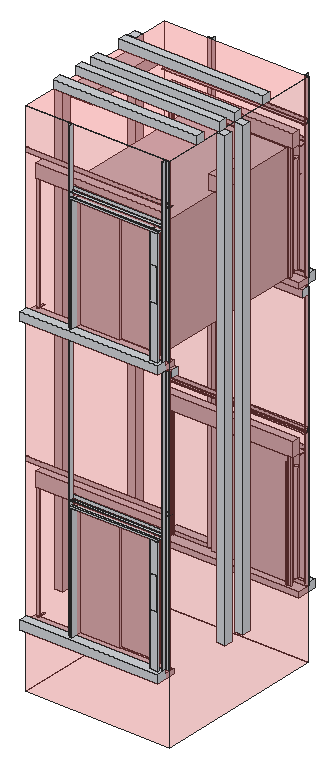
Revit family "TSF1000-2S-2方向", category 一般モデル, Revit 2018
Family settings
  鉄筋をホスト可能 = いいえ
  丸型コネクタ寸法 = 直径を使用
  パーツ タイプ = 標準
  作業面ベース = いいえ
  常に垂直 = はい
  ロード時にボイドで切り取り = いいえ
  共有 = いいえ
  部屋計算ポイント = いいえ
Parameters
  昇降行程 = 5000 mm
Reference planes
  plane 1 "レール芯": y = 0
  plane 2 "最下階FL": z = 0
  plane 3 "かご芯": x = 0
  plane 4: z = 5000
  plane 5 "ピット底面": z = -1250
  plane 6: z = 8250
  plane 7: z = 2500
Forms (mm)
  Extrusion 1, solid
    sketch origin (-115, 140, 0) x (1, 0, 0) y (0, 1, 0)
      loop
        line (-1370, 1665) -> (-1370, -1485) -> (1230, -1485) -> (1230, 1665) -> (-1370, 1665)
    from -1250 to 8250
  Extrusion 2, solid
    sketch origin (-188.849, -187.656, 5000) x (1, 0, 0) y (0, 1, 0)
      loop
        line (-691.151, 1792.656) -> (-691.151, -917.344) -> (1068.849, -917.344) -> (1068.849, 1792.656) -> (-691.151, 1792.656)
    from 0 to 2100
  Extrusion 3, solid
    sketch origin (-199.116, -1, 0) x (1, 0, 0) y (0, 1, 0)
      loop
        line (-1050.884, 890.997) -> (-1050.884, 260.997) -> (-753.884, 260.997) -> (-753.884, 890.997) -> (-1050.884, 890.997)
    from -1250 to -272.5
  Extrusion 4, solid
    sketch origin (-180.164, -13.256, 0) x (1, 0, 0) y (0, 1, 0)
      loop
        line (1295.164, 288.256) -> (1295.164, 138.256) -> (1445.164, 138.256) -> (1445.164, 288.256) -> (1295.164, 288.256)
    from 0 to 8250
  Extrusion 5, solid
    sketch origin (-180.164, -413.256, 0) x (1, 0, 0) y (0, 1, 0)
      loop
        line (1295.164, 288.256) -> (1295.164, 138.256) -> (1445.164, 138.256) -> (1445.164, 288.256) -> (1295.164, 288.256)
    from 0 to 8250
  Extrusion 6, solid
    sketch origin (593.997, 818.69, 0) x (1, 0, 0) y (0, 1, 0)
      loop
        line (-2228.997, 481.31) -> (-2228.997, 331.31) -> (-2078.997, 331.31) -> (-2078.997, 481.31) -> (-2228.997, 481.31)
    from 0 to 8250
  Extrusion 7, solid
    sketch origin (593.997, -831.31, 0) x (1, 0, 0) y (0, 1, 0)
      loop
        line (-2228.997, 481.31) -> (-2228.997, 331.31) -> (-2078.997, 331.31) -> (-2078.997, 481.31) -> (-2228.997, 481.31)
    from 0 to 8250
  Extrusion 8, solid
    sketch origin (646.148, -529, 7950) x (1, 0, 0) y (0, 1, 0)
      loop
        line (-2111.148, 1758) -> (-2111.148, 200) -> (-1738.648, 200) -> (-1738.648, 1758) -> (-2111.148, 1758)
    from 0 to 200
  Extrusion 9, solid
    sketch origin (-494.764, 1375.017, 7235) x (1, 0, 0) y (0, 1, 0)
      loop
        line (1413.764, -985.017) -> (1413.764, -1575.017) -> (1593.764, -1575.017) -> (1593.764, -985.017) -> (1413.764, -985.017)
    from 0 to 250
  Extrusion 10, solid
    sketch origin (0, -154.792, -183.066) x (0, 1, 0) y (0, 0, 1)
      loop
        line (279.792, 8583.066) -> (279.792, 8433.066) -> (429.792, 8433.066) -> (429.792, 8583.066) -> (279.792, 8583.066)
    from -1485 to 1115
  Extrusion 11, solid
    sketch origin (0, -494.792, -183.066) x (0, 1, 0) y (0, 0, 1)
      loop
        line (279.792, 8583.066) -> (279.792, 8433.066) -> (429.792, 8433.066) -> (429.792, 8583.066) -> (279.792, 8583.066)
    from -1485 to 1115
  Extrusion 12, solid
    sketch origin (0, -994.792, -183.066) x (0, 1, 0) y (0, 0, 1)
      loop
        line (279.792, 8583.066) -> (279.792, 8433.066) -> (429.792, 8433.066) -> (429.792, 8583.066) -> (279.792, 8583.066)
    from -1485 to 1115
  Extrusion 13, solid
    sketch origin (0, 485.208, -183.066) x (0, 1, 0) y (0, 0, 1)
      loop
        line (279.792, 8583.066) -> (279.792, 8433.066) -> (429.792, 8433.066) -> (429.792, 8583.066) -> (279.792, 8583.066)
    from -1485 to 1115
  Extrusion 14, solid
    sketch origin (0, -487.235, 116.596) x (0, 1, 0) y (0, 0, 1)
      loop
        line (-797.765, 4733.404) -> (-797.765, 4608.404) -> (-677.765, 4608.404) -> (-677.765, 4733.404) -> (-797.765, 4733.404)
    from -1485 to 1115
  Extrusion 15, solid
    sketch origin (122.648, -167.415, 0) x (-1, 0, 0) y (0, -1, 0)
      loop
        line (-917.352, 1171.585) -> (-917.352, 1246.585) -> (-919.352, 1246.585)
        arc (-919.352, 1246.585) -> (-922.181, 1245.414) -> (-923.352, 1242.585) r 4
        line (-923.352, 1242.585) -> (-923.352, 1186.085)
        arc (-923.352, 1186.085) -> (-925.842, 1180.075) -> (-931.852, 1177.585) r 8.5
        line (-931.852, 1177.585) -> (-988.352, 1177.585)
        arc (-988.352, 1177.585) -> (-991.181, 1176.414) -> (-992.352, 1173.585) r 4
        line (-992.352, 1173.585) -> (-992.352, 1171.585) -> (-917.352, 1171.585)
    from 0 to 4850
  Extrusion 16, solid
    sketch origin (77.352, -167.415, 0) x (1, 0, 0) y (0, 1, 0)
      loop
        line (-717.352, -1171.585) -> (-792.352, -1171.585) -> (-792.352, -1173.585)
        arc (-792.352, -1173.585) -> (-791.181, -1176.414) -> (-788.352, -1177.585) r 4
        line (-788.352, -1177.585) -> (-731.852, -1177.585)
        arc (-731.852, -1177.585) -> (-725.842, -1180.075) -> (-723.352, -1186.085) r 8.5
        line (-723.352, -1186.085) -> (-723.352, -1242.585)
        arc (-723.352, -1242.585) -> (-722.181, -1245.414) -> (-719.352, -1246.585) r 4
        line (-719.352, -1246.585) -> (-717.352, -1246.585) -> (-717.352, -1171.585)
    from 0 to 4850
  Extrusion 17, solid
    sketch origin (322.648, -167.415, 5000) x (-1, 0, 0) y (0, -1, 0)
      loop
        line (-717.352, 1171.585) -> (-717.352, 1246.585) -> (-719.352, 1246.585)
        arc (-719.352, 1246.585) -> (-722.181, 1245.414) -> (-723.352, 1242.585) r 4
        line (-723.352, 1242.585) -> (-723.352, 1186.085)
        arc (-723.352, 1186.085) -> (-725.842, 1180.075) -> (-731.852, 1177.585) r 8.5
        line (-731.852, 1177.585) -> (-788.352, 1177.585)
        arc (-788.352, 1177.585) -> (-791.181, 1176.414) -> (-792.352, 1173.585) r 4
        line (-792.352, 1173.585) -> (-792.352, 1171.585) -> (-717.352, 1171.585)
    from 0 to 3250
  Extrusion 18, solid
    sketch origin (77.352, -167.415, 5000) x (1, 0, 0) y (0, 1, 0)
      loop
        line (-717.352, -1171.585) -> (-792.352, -1171.585) -> (-792.352, -1173.585)
        arc (-792.352, -1173.585) -> (-791.181, -1176.414) -> (-788.352, -1177.585) r 4
        line (-788.352, -1177.585) -> (-731.852, -1177.585)
        arc (-731.852, -1177.585) -> (-725.842, -1180.075) -> (-723.352, -1186.085) r 8.5
        line (-723.352, -1186.085) -> (-723.352, -1242.585)
        arc (-723.352, -1242.585) -> (-722.181, -1245.414) -> (-719.352, -1246.585) r 4
        line (-719.352, -1246.585) -> (-717.352, -1246.585) -> (-717.352, -1171.585)
    from 0 to 3250
  Extrusion 19, solid
    sketch origin (0, -3511.272, 935.614) x (0, 0, -1) y (0, 1, 0)
      loop
        line (-1244.386, 2172.272) -> (-1319.386, 2172.272) -> (-1319.386, 2170.272)
        arc (-1319.386, 2170.272) -> (-1318.214, 2167.444) -> (-1315.386, 2166.272) r 4
        line (-1315.386, 2166.272) -> (-1258.886, 2166.272)
        arc (-1258.886, 2166.272) -> (-1252.875, 2163.782) -> (-1250.386, 2157.772) r 8.5
        line (-1250.386, 2157.772) -> (-1250.386, 2101.272)
        arc (-1250.386, 2101.272) -> (-1249.214, 2098.444) -> (-1246.386, 2097.272) r 4
        line (-1246.386, 2097.272) -> (-1244.386, 2097.272) -> (-1244.386, 2172.272)
    from -640 to 1040
  Extrusion 20, solid
    sketch origin (0, -3511.272, 5935.614) x (0, 0, -1) y (0, 1, 0)
      loop
        line (-1244.386, 2172.272) -> (-1319.386, 2172.272) -> (-1319.386, 2170.272)
        arc (-1319.386, 2170.272) -> (-1318.214, 2167.444) -> (-1315.386, 2166.272) r 4
        line (-1315.386, 2166.272) -> (-1258.886, 2166.272)
        arc (-1258.886, 2166.272) -> (-1252.875, 2163.782) -> (-1250.386, 2157.772) r 8.5
        line (-1250.386, 2157.772) -> (-1250.386, 2101.272)
        arc (-1250.386, 2101.272) -> (-1249.214, 2098.444) -> (-1246.386, 2097.272) r 4
        line (-1246.386, 2097.272) -> (-1244.386, 2097.272) -> (-1244.386, 2172.272)
    from -640 to 1040
  Extrusion 21, solid
    sketch origin (0, 833.272, 6255.614) x (0, 0, -1) y (0, 1, 0)
      loop
        line (-1244.386, -2172.272) -> (-1244.386, -2097.272) -> (-1246.386, -2097.272)
        arc (-1246.386, -2097.272) -> (-1249.214, -2098.444) -> (-1250.386, -2101.272) r 4
        line (-1250.386, -2101.272) -> (-1250.386, -2157.772)
        arc (-1250.386, -2157.772) -> (-1252.875, -2163.782) -> (-1258.886, -2166.272) r 8.5
        line (-1258.886, -2166.272) -> (-1315.386, -2166.272)
        arc (-1315.386, -2166.272) -> (-1318.214, -2167.444) -> (-1319.386, -2170.272) r 4
        line (-1319.386, -2170.272) -> (-1319.386, -2172.272) -> (-1244.386, -2172.272)
    from -1485 to 1115
  Extrusion 22, solid
    sketch origin (0, 833.272, 1255.614) x (0, 0, -1) y (0, 1, 0)
      loop
        line (-1244.386, -2172.272) -> (-1244.386, -2097.272) -> (-1246.386, -2097.272)
        arc (-1246.386, -2097.272) -> (-1249.214, -2098.444) -> (-1250.386, -2101.272) r 4
        line (-1250.386, -2101.272) -> (-1250.386, -2157.772)
        arc (-1250.386, -2157.772) -> (-1252.875, -2163.782) -> (-1258.886, -2166.272) r 8.5
        line (-1258.886, -2166.272) -> (-1315.386, -2166.272)
        arc (-1315.386, -2166.272) -> (-1318.214, -2167.444) -> (-1319.386, -2170.272) r 4
        line (-1319.386, -2170.272) -> (-1319.386, -2172.272) -> (-1244.386, -2172.272)
    from -1485 to 1115
  Extrusion 23, solid
    sketch origin (0, 3971.272, 935.614) x (0, 0, -1) y (0, 1, 0)
      loop
        line (-1244.386, -2172.272) -> (-1244.386, -2097.272) -> (-1246.386, -2097.272)
        arc (-1246.386, -2097.272) -> (-1249.214, -2098.444) -> (-1250.386, -2101.272) r 4
        line (-1250.386, -2101.272) -> (-1250.386, -2157.772)
        arc (-1250.386, -2157.772) -> (-1252.875, -2163.782) -> (-1258.886, -2166.272) r 8.5
        line (-1258.886, -2166.272) -> (-1315.386, -2166.272)
        arc (-1315.386, -2166.272) -> (-1318.214, -2167.444) -> (-1319.386, -2170.272) r 4
        line (-1319.386, -2170.272) -> (-1319.386, -2172.272) -> (-1244.386, -2172.272)
    from -640 to 1040
  Extrusion 24, solid
    sketch origin (0, -373.272, 1255.614) x (0, 0, -1) y (0, 1, 0)
      loop
        line (-1244.386, 2172.272) -> (-1319.386, 2172.272) -> (-1319.386, 2170.272)
        arc (-1319.386, 2170.272) -> (-1318.214, 2167.444) -> (-1315.386, 2166.272) r 4
        line (-1315.386, 2166.272) -> (-1258.886, 2166.272)
        arc (-1258.886, 2166.272) -> (-1252.875, 2163.782) -> (-1250.386, 2157.772) r 8.5
        line (-1250.386, 2157.772) -> (-1250.386, 2101.272)
        arc (-1250.386, 2101.272) -> (-1249.214, 2098.444) -> (-1246.386, 2097.272) r 4
        line (-1246.386, 2097.272) -> (-1244.386, 2097.272) -> (-1244.386, 2172.272)
    from -1485 to 1115
  Extrusion 25, solid
    sketch origin (0, 987.235, 116.596) x (0, -1, 0) y (0, 0, -1)
      loop
        line (-797.765, -4733.404) -> (-677.765, -4733.404) -> (-677.765, -4608.404) -> (-797.765, -4608.404) -> (-797.765, -4733.404)
    from -1485 to 1115
  Extrusion 26, solid
    sketch origin (0, 3971.272, 5935.614) x (0, 0, -1) y (0, 1, 0)
      loop
        line (-1244.386, -2172.272) -> (-1244.386, -2097.272) -> (-1246.386, -2097.272)
        arc (-1246.386, -2097.272) -> (-1249.214, -2098.444) -> (-1250.386, -2101.272) r 4
        line (-1250.386, -2101.272) -> (-1250.386, -2157.772)
        arc (-1250.386, -2157.772) -> (-1252.875, -2163.782) -> (-1258.886, -2166.272) r 8.5
        line (-1258.886, -2166.272) -> (-1315.386, -2166.272)
        arc (-1315.386, -2166.272) -> (-1318.214, -2167.444) -> (-1319.386, -2170.272) r 4
        line (-1319.386, -2170.272) -> (-1319.386, -2172.272) -> (-1244.386, -2172.272)
    from -640 to 1040
  Extrusion 27, solid
    sketch origin (0, -373.272, 6255.614) x (0, 0, -1) y (0, 1, 0)
      loop
        line (-1244.386, 2172.272) -> (-1319.386, 2172.272) -> (-1319.386, 2170.272)
        arc (-1319.386, 2170.272) -> (-1318.214, 2167.444) -> (-1315.386, 2166.272) r 4
        line (-1315.386, 2166.272) -> (-1258.886, 2166.272)
        arc (-1258.886, 2166.272) -> (-1252.875, 2163.782) -> (-1250.386, 2157.772) r 8.5
        line (-1250.386, 2157.772) -> (-1250.386, 2101.272)
        arc (-1250.386, 2101.272) -> (-1249.214, 2098.444) -> (-1246.386, 2097.272) r 4
        line (-1246.386, 2097.272) -> (-1244.386, 2097.272) -> (-1244.386, 2172.272)
    from -1485 to 1115
  Extrusion 28, solid
    sketch origin (122.648, 627.415, 0) x (-1, 0, 0) y (0, -1, 0)
      loop
        line (-917.352, -1171.585) -> (-992.352, -1171.585) -> (-992.352, -1173.585)
        arc (-992.352, -1173.585) -> (-991.181, -1176.414) -> (-988.352, -1177.585) r 4
        line (-988.352, -1177.585) -> (-931.852, -1177.585)
        arc (-931.852, -1177.585) -> (-925.842, -1180.075) -> (-923.352, -1186.085) r 8.5
        line (-923.352, -1186.085) -> (-923.352, -1242.585)
        arc (-923.352, -1242.585) -> (-922.181, -1245.414) -> (-919.352, -1246.585) r 4
        line (-919.352, -1246.585) -> (-917.352, -1246.585) -> (-917.352, -1171.585)
    from 0 to 4850
  Extrusion 29, solid
    sketch origin (77.352, 627.415, 0) x (1, 0, 0) y (0, 1, 0)
      loop
        line (-717.352, 1171.585) -> (-717.352, 1246.585) -> (-719.352, 1246.585)
        arc (-719.352, 1246.585) -> (-722.181, 1245.414) -> (-723.352, 1242.585) r 4
        line (-723.352, 1242.585) -> (-723.352, 1186.085)
        arc (-723.352, 1186.085) -> (-725.842, 1180.075) -> (-731.852, 1177.585) r 8.5
        line (-731.852, 1177.585) -> (-788.352, 1177.585)
        arc (-788.352, 1177.585) -> (-791.181, 1176.414) -> (-792.352, 1173.585) r 4
        line (-792.352, 1173.585) -> (-792.352, 1171.585) -> (-717.352, 1171.585)
    from 0 to 4850
  Extrusion 30, solid
    sketch origin (322.648, 627.415, 5000) x (-1, 0, 0) y (0, -1, 0)
      loop
        line (-717.352, -1171.585) -> (-792.352, -1171.585) -> (-792.352, -1173.585)
        arc (-792.352, -1173.585) -> (-791.181, -1176.414) -> (-788.352, -1177.585) r 4
        line (-788.352, -1177.585) -> (-731.852, -1177.585)
        arc (-731.852, -1177.585) -> (-725.842, -1180.075) -> (-723.352, -1186.085) r 8.5
        line (-723.352, -1186.085) -> (-723.352, -1242.585)
        arc (-723.352, -1242.585) -> (-722.181, -1245.414) -> (-719.352, -1246.585) r 4
        line (-719.352, -1246.585) -> (-717.352, -1246.585) -> (-717.352, -1171.585)
    from 0 to 3250
  Extrusion 31, solid
    sketch origin (77.352, 627.415, 5000) x (1, 0, 0) y (0, 1, 0)
      loop
        line (-717.352, 1171.585) -> (-717.352, 1246.585) -> (-719.352, 1246.585)
        arc (-719.352, 1246.585) -> (-722.181, 1245.414) -> (-723.352, 1242.585) r 4
        line (-723.352, 1242.585) -> (-723.352, 1186.085)
        arc (-723.352, 1186.085) -> (-725.842, 1180.075) -> (-731.852, 1177.585) r 8.5
        line (-731.852, 1177.585) -> (-788.352, 1177.585)
        arc (-788.352, 1177.585) -> (-791.181, 1176.414) -> (-792.352, 1173.585) r 4
        line (-792.352, 1173.585) -> (-792.352, 1171.585) -> (-717.352, 1171.585)
    from 0 to 3250
Dimensions and locks
  "昇降行程": plane 4 to plane 2 "最下階FL"
  locked: plane 6 to plane 4 at 3250
  locked: Extrusion 2 to plane 4 at 2100
  locked: plane 6 to Extrusion 8 at 100
  locked: Extrusion 8 to Extrusion 8 at 200
  locked: plane 4 to Extrusion 20 at 2180
  locked: Extrusion 20 to Extrusion 21 at 320
  locked: Extrusion 2 to Extrusion 9 at 135
  locked: Extrusion 9 to Extrusion 9 at 250
  locked: plane 2 "最下階FL" to Extrusion 19 at 2180
  locked: plane 4 to Extrusion 15 at 150
  aligned and locked: level to plane 2 "最下階FL"
  aligned and locked: Extrusion 1 to plane 5 "ピット底面"
  aligned and locked: Extrusion 2 to plane 4
  aligned and locked: Extrusion 1 to Extrusion 3
  aligned and locked: Extrusion 5 to plane 2 "最下階FL"
  aligned and locked: Extrusion 4 to plane 2 "最下階FL"
  aligned and locked: Extrusion 1 to Extrusion 5
  aligned and locked: Extrusion 1 to Extrusion 4
  aligned and locked: Extrusion 6 to Extrusion 1
  aligned and locked: Extrusion 7 to Extrusion 1
  aligned and locked: Extrusion 4 to Extrusion 1
  aligned and locked: Extrusion 5 to Extrusion 1
  aligned and locked: Extrusion 6 to plane 2 "最下階FL"
  aligned and locked: Extrusion 7 to plane 2 "最下階FL"
  aligned and locked: Extrusion 1 to Extrusion 6
  aligned and locked: Extrusion 1 to Extrusion 7
  aligned and locked: plane 2 "最下階FL" to nested 1
  aligned and locked: plane 4 to nested 2
  aligned and locked: nested 1 to nested 2
  aligned and locked: Extrusion 10 to Extrusion 1
  aligned and locked: Extrusion 1 to Extrusion 10  (x2)
  aligned and locked: Extrusion 1 to Extrusion 12  (x2)
  aligned and locked: Extrusion 1 to Extrusion 13  (x2)
  aligned and locked: Extrusion 12 to Extrusion 1
  aligned and locked: Extrusion 11 to Extrusion 1
  aligned and locked: Extrusion 13 to Extrusion 1
  aligned and locked: Extrusion 1 to Extrusion 14  (x2)
  aligned and locked: Extrusion 1 to Extrusion 15
  aligned and locked: Extrusion 1 to Extrusion 11  (x2)
  aligned and locked: Extrusion 17 to Extrusion 18
  aligned and locked: Extrusion 18 to plane 4
  aligned and locked: Extrusion 17 to plane 4
  aligned and locked: plane 6 to Extrusion 1
  aligned and locked: plane 6 to Extrusion 17
  aligned and locked: plane 6 to Extrusion 18
  aligned and locked: Extrusion 16 to Extrusion 15
  aligned and locked: Extrusion 29 to Extrusion 28
  aligned and locked: Extrusion 30 to Extrusion 31
  aligned and locked: nested 4 to plane 4
  aligned and locked: Extrusion 28 to Extrusion 15
  aligned and locked: Extrusion 30 to plane 4
  aligned and locked: Extrusion 31 to plane 4
  aligned and locked: plane 6 to Extrusion 30
  aligned and locked: plane 6 to Extrusion 31
Automatic sketch dimensions
  Extrusion 1 sketch curve to plane 3 "かご芯" = 1485 mm
  plane 3 "かご芯" to Extrusion 1 sketch curve = 1115 mm
  plane 1 "レール芯" to Extrusion 1 sketch curve = 1345 mm
  Extrusion 1 sketch curve to plane 1 "レール芯" = 1805 mm
  Extrusion 2 sketch curve to plane 3 "かご芯" = 880 mm
  plane 3 "かご芯" to Extrusion 2 sketch curve = 880 mm
  plane 1 "レール芯" to Extrusion 2 sketch curve = 1105 mm
  Extrusion 2 sketch curve to plane 1 "レール芯" = 1605 mm
  Extrusion 3 sketch curve to plane 1 "レール芯" = 259.997 mm
  Extrusion 3 sketch curve to plane 3 "かご芯" = 1250 mm
  Extrusion 3 sketch curve to Extrusion 3 sketch curve = 297 mm
  Extrusion 3 sketch curve to Extrusion 3 sketch curve = 630 mm
  Extrusion 4 sketch curve to plane 1 "レール芯" = 125 mm
  plane 3 "かご芯" to Extrusion 4 sketch curve = 1115 mm
  Extrusion 4 sketch curve to Extrusion 4 sketch curve = 150 mm  (x2)
  plane 1 "レール芯" to Extrusion 5 sketch curve = 275 mm
  plane 3 "かご芯" to Extrusion 5 sketch curve = 1115 mm
  Extrusion 5 sketch curve to Extrusion 5 sketch curve = 150 mm
  plane 1 "レール芯" to Extrusion 5 sketch curve = 125 mm
  Extrusion 6 sketch curve to plane 3 "かご芯" = 1635 mm
  Extrusion 6 sketch curve to Extrusion 6 sketch curve = 150 mm  (x2)
  Extrusion 6 sketch curve to plane 1 "レール芯" = 1150 mm
  plane 1 "レール芯" to Extrusion 7 sketch curve = 500 mm
  Extrusion 7 sketch curve to plane 3 "かご芯" = 1635 mm
  Extrusion 7 sketch curve to Extrusion 7 sketch curve = 150 mm  (x2)
  plane 1 "レール芯" to Extrusion 8 sketch curve = 329 mm
  Extrusion 8 sketch curve to plane 3 "かご芯" = 1465 mm
  Extrusion 8 sketch curve to Extrusion 8 sketch curve = 372.5 mm
  Extrusion 8 sketch curve to plane 1 "レール芯" = 1229 mm
  plane 1 "レール芯" to Extrusion 9 sketch curve = 200 mm
  plane 3 "かご芯" to Extrusion 9 sketch curve = 919 mm
  Extrusion 9 sketch curve to Extrusion 9 sketch curve = 180 mm
  Extrusion 9 sketch curve to plane 1 "レール芯" = 390 mm
  Extrusion 10 sketch curve to plane 6 = 0 mm
  Extrusion 10 sketch curve to plane 1 "レール芯" = 125 mm
  Extrusion 10 sketch curve to Extrusion 10 sketch curve = 150 mm  (x2)
  Extrusion 11 sketch curve to plane 6 = 0 mm
  plane 1 "レール芯" to Extrusion 11 sketch curve = 215 mm
  plane 1 "レール芯" to Extrusion 11 sketch curve = 65 mm
  Extrusion 11 sketch curve to Extrusion 11 sketch curve = 150 mm
  Extrusion 12 sketch curve to plane 6 = 0 mm
  plane 1 "レール芯" to Extrusion 12 sketch curve = 715 mm
  Extrusion 12 sketch curve to Extrusion 12 sketch curve = 150 mm  (x2)
  Extrusion 13 sketch curve to plane 6 = 0 mm
  Extrusion 13 sketch curve to plane 1 "レール芯" = 765 mm
  Extrusion 13 sketch curve to Extrusion 13 sketch curve = 150 mm  (x2)
  Extrusion 14 sketch curve to plane 4 = 275 mm
  plane 1 "レール芯" to Extrusion 14 sketch curve = 1285 mm
  Extrusion 14 sketch curve to Extrusion 14 sketch curve = 120 mm
  Extrusion 14 sketch curve to Extrusion 14 sketch curve = 125 mm
  Extrusion 15 sketch curve to plane 3 "かご芯" = 1115 mm
  Extrusion 15 sketch curve to Extrusion 15 sketch curve = 4 mm  (x2)
  Extrusion 15 sketch curve to Extrusion 15 sketch curve = 56.5 mm  (x2)
  Extrusion 15 sketch curve to Extrusion 15 sketch curve = 8.5 mm
  Extrusion 15 sketch curve to Extrusion 15 sketch curve = 2 mm
  Extrusion 15 sketch curve to plane 1 "レール芯" = 1414 mm
  Extrusion 15 sketch curve to Extrusion 15 sketch curve = 6 mm
  Extrusion 16 sketch curve to plane 3 "かご芯" = 715 mm
  Extrusion 16 sketch curve to Extrusion 16 sketch curve = 4 mm  (x2)
  Extrusion 16 sketch curve to Extrusion 16 sketch curve = 56.5 mm  (x2)
  Extrusion 16 sketch curve to Extrusion 16 sketch curve = 8.5 mm
  Extrusion 16 sketch curve to Extrusion 16 sketch curve = 2 mm
  plane 1 "レール芯" to Extrusion 16 sketch curve = 1414 mm
  Extrusion 16 sketch curve to Extrusion 16 sketch curve = 6 mm
  Extrusion 17 sketch curve to plane 3 "かご芯" = 1115 mm
  Extrusion 17 sketch curve to Extrusion 17 sketch curve = 4 mm  (x2)
  Extrusion 17 sketch curve to Extrusion 17 sketch curve = 56.5 mm  (x2)
  Extrusion 17 sketch curve to Extrusion 17 sketch curve = 8.5 mm
  Extrusion 17 sketch curve to Extrusion 17 sketch curve = 2 mm
  Extrusion 17 sketch curve to plane 1 "レール芯" = 1414 mm
  Extrusion 17 sketch curve to Extrusion 17 sketch curve = 6 mm
  Extrusion 18 sketch curve to plane 3 "かご芯" = 715 mm
  Extrusion 18 sketch curve to Extrusion 18 sketch curve = 4 mm  (x2)
  Extrusion 18 sketch curve to Extrusion 18 sketch curve = 56.5 mm  (x2)
  Extrusion 18 sketch curve to Extrusion 18 sketch curve = 8.5 mm
  Extrusion 18 sketch curve to Extrusion 18 sketch curve = 2 mm
  plane 1 "レール芯" to Extrusion 18 sketch curve = 1414 mm
  Extrusion 18 sketch curve to Extrusion 18 sketch curve = 6 mm
  plane 7 to Extrusion 19 sketch curve = 245 mm
  Extrusion 19 sketch curve to Extrusion 19 sketch curve = 4 mm  (x2)
  Extrusion 19 sketch curve to Extrusion 19 sketch curve = 56.5 mm  (x2)
  Extrusion 19 sketch curve to Extrusion 19 sketch curve = 8.5 mm
  Extrusion 19 sketch curve to Extrusion 19 sketch curve = 2 mm
  plane 1 "レール芯" to Extrusion 19 sketch curve = 1414 mm
  Extrusion 19 sketch curve to Extrusion 19 sketch curve = 6 mm
  Extrusion 20 sketch curve to plane 6 = 995 mm
  Extrusion 20 sketch curve to Extrusion 20 sketch curve = 4 mm  (x2)
  Extrusion 20 sketch curve to Extrusion 20 sketch curve = 56.5 mm  (x2)
  Extrusion 20 sketch curve to Extrusion 20 sketch curve = 8.5 mm
  Extrusion 20 sketch curve to Extrusion 20 sketch curve = 2 mm
  plane 1 "レール芯" to Extrusion 20 sketch curve = 1414 mm
  Extrusion 20 sketch curve to Extrusion 20 sketch curve = 14.5 mm
  plane 6 to Extrusion 21 sketch curve = 675 mm
  Extrusion 21 sketch curve to Extrusion 21 sketch curve = 4 mm  (x2)
  Extrusion 21 sketch curve to Extrusion 21 sketch curve = 56.5 mm  (x2)
  Extrusion 21 sketch curve to Extrusion 21 sketch curve = 8.5 mm
  Extrusion 21 sketch curve to Extrusion 21 sketch curve = 2 mm
  Extrusion 21 sketch curve to plane 1 "レール芯" = 1264 mm
  Extrusion 21 sketch curve to Extrusion 21 sketch curve = 6 mm
  Extrusion 22 sketch curve to plane 7 = 0 mm
  Extrusion 22 sketch curve to Extrusion 22 sketch curve = 2 mm
  Extrusion 22 sketch curve to Extrusion 22 sketch curve = 4 mm  (x2)
  Extrusion 22 sketch curve to Extrusion 22 sketch curve = 8.5 mm
  Extrusion 22 sketch curve to Extrusion 22 sketch curve = 56.5 mm  (x2)
  Extrusion 22 sketch curve to plane 1 "レール芯" = 1264 mm
  Extrusion 22 sketch curve to Extrusion 22 sketch curve = 6 mm
  Extrusion 23 sketch curve to plane 7 = 245 mm
  Extrusion 23 sketch curve to Extrusion 23 sketch curve = 4 mm  (x2)
  Extrusion 23 sketch curve to Extrusion 23 sketch curve = 56.5 mm  (x2)
  Extrusion 23 sketch curve to Extrusion 23 sketch curve = 8.5 mm
  Extrusion 23 sketch curve to Extrusion 23 sketch curve = 2 mm
  plane 1 "レール芯" to Extrusion 23 sketch curve = 1874 mm
  Extrusion 23 sketch curve to Extrusion 23 sketch curve = 6 mm
  plane 7 to Extrusion 24 sketch curve = 0 mm
  Extrusion 24 sketch curve to Extrusion 24 sketch curve = 2 mm
  Extrusion 24 sketch curve to Extrusion 24 sketch curve = 4 mm  (x2)
  Extrusion 24 sketch curve to Extrusion 24 sketch curve = 8.5 mm
  Extrusion 24 sketch curve to Extrusion 24 sketch curve = 56.5 mm  (x2)
  Extrusion 24 sketch curve to plane 1 "レール芯" = 1724 mm
  Extrusion 24 sketch curve to Extrusion 24 sketch curve = 6 mm
  plane 4 to Extrusion 25 sketch curve = 275 mm
  plane 1 "レール芯" to Extrusion 25 sketch curve = 1785 mm
  Extrusion 25 sketch curve to Extrusion 25 sketch curve = 120 mm
  Extrusion 25 sketch curve to Extrusion 25 sketch curve = 125 mm
  plane 6 to Extrusion 26 sketch curve = 995 mm
  Extrusion 26 sketch curve to Extrusion 26 sketch curve = 4 mm  (x2)
  Extrusion 26 sketch curve to Extrusion 26 sketch curve = 56.5 mm  (x2)
  Extrusion 26 sketch curve to Extrusion 26 sketch curve = 8.5 mm
  Extrusion 26 sketch curve to Extrusion 26 sketch curve = 2 mm
  plane 1 "レール芯" to Extrusion 26 sketch curve = 1874 mm
  Extrusion 26 sketch curve to Extrusion 26 sketch curve = 14.5 mm
  Extrusion 27 sketch curve to plane 6 = 675 mm
  Extrusion 27 sketch curve to Extrusion 27 sketch curve = 4 mm  (x2)
  Extrusion 27 sketch curve to Extrusion 27 sketch curve = 56.5 mm  (x2)
  Extrusion 27 sketch curve to Extrusion 27 sketch curve = 8.5 mm
  Extrusion 27 sketch curve to Extrusion 27 sketch curve = 2 mm
  Extrusion 27 sketch curve to plane 1 "レール芯" = 1724 mm
  Extrusion 27 sketch curve to Extrusion 27 sketch curve = 6 mm
  plane 3 "かご芯" to Extrusion 28 sketch curve = 1115 mm
  Extrusion 28 sketch curve to Extrusion 28 sketch curve = 4 mm  (x2)
  Extrusion 28 sketch curve to Extrusion 28 sketch curve = 56.5 mm  (x2)
  Extrusion 28 sketch curve to Extrusion 28 sketch curve = 8.5 mm
  Extrusion 28 sketch curve to Extrusion 28 sketch curve = 2 mm
  Extrusion 28 sketch curve to plane 1 "レール芯" = 1874 mm
  Extrusion 28 sketch curve to Extrusion 28 sketch curve = 6 mm
  Extrusion 29 sketch curve to plane 3 "かご芯" = 715 mm
  Extrusion 29 sketch curve to Extrusion 29 sketch curve = 4 mm  (x2)
  Extrusion 29 sketch curve to Extrusion 29 sketch curve = 56.5 mm  (x2)
  Extrusion 29 sketch curve to Extrusion 29 sketch curve = 8.5 mm
  Extrusion 29 sketch curve to Extrusion 29 sketch curve = 2 mm  (x2)
  Extrusion 29 sketch curve to plane 1 "レール芯" = 1799 mm
  plane 3 "かご芯" to Extrusion 30 sketch curve = 1115 mm
  Extrusion 30 sketch curve to Extrusion 30 sketch curve = 4 mm  (x2)
  Extrusion 30 sketch curve to Extrusion 30 sketch curve = 56.5 mm  (x2)
  Extrusion 30 sketch curve to Extrusion 30 sketch curve = 8.5 mm
  Extrusion 30 sketch curve to Extrusion 30 sketch curve = 2 mm
  Extrusion 30 sketch curve to plane 1 "レール芯" = 1874 mm
  Extrusion 30 sketch curve to Extrusion 30 sketch curve = 6 mm
  Extrusion 31 sketch curve to plane 3 "かご芯" = 715 mm
  Extrusion 31 sketch curve to Extrusion 31 sketch curve = 4 mm  (x2)
  Extrusion 31 sketch curve to Extrusion 31 sketch curve = 56.5 mm  (x2)
  Extrusion 31 sketch curve to Extrusion 31 sketch curve = 8.5 mm
  Extrusion 31 sketch curve to Extrusion 31 sketch curve = 2 mm  (x2)
  Extrusion 31 sketch curve to plane 1 "レール芯" = 1799 mm
Nested families
  nested 1: "2S" at (0, -1135, 0), type "2S(詳細レベル)"
    with 戸袋 785 mm, 出入口幅 1400 mm
  nested 2: "2S" at (0, -1135, 5000), type "2S(詳細レベル)"
    with 戸袋 785 mm, 出入口幅 1400 mm
  nested 3: "2S(背面)" at (0, 1635, 0), type "2S 背面(詳細レベル)"
    with 出入口幅 1400 mm
  nested 4: "2S(背面)" at (0, 1635, 5000), type "2S 背面(詳細レベル)"
    with 出入口幅 1400 mm
Definition of nested family "2S"
  Parameters (values of type "2S(詳細レベル)")
    戸袋 = 635 mm
    出入口高さ = 2100 mm
    出入口幅 = 1100 mm
  Types (2, lengths in mm): name | 戸袋 | 出入口幅
    2S(詳細レベル) | 635 | 1100
    2S 背面(詳細レベル) | 785 | 1700
  Reference planes
    plane 1 "敷居先端": y = 0
    plane 2 "FL": z = 0
    plane 3: x = 140
    plane 4 "出入口中心": x = 140
    plane 5 "出入口高さ": z = 2100
    plane 6: z = 2320
    plane 7: y = -145.5
    plane 8 "出入口幅右": x = 690
    plane 9 "出入口幅左": x = -410
    plane 10 "戸袋": x = -1045
    plane 11: x = 810
    plane 12: y = -76.6
    plane 13: z = 2173
    plane 14: z = -60
    plane 15: z = -150
    plane 16: x = 710
    plane 17: x = -490
    plane 18: x = 890
  Forms (mm)
    Extrusion 1, solid
      sketch origin (140, 0, 0) x (0, 1, 0) y (0, 0, 1)
        loop
          line (-102, 2116) -> (-134, 2116) -> (-134, 6) -> (-102, 6) -> (-102, 2116)
      from -570 to 15
    Extrusion 2, solid
      sketch origin (705, 38, 0) x (0, 1, 0) y (0, 0, 1)
        loop
          line (-102, 2116) -> (-134, 2116) -> (-134, 6) -> (-102, 6) -> (-102, 2116)
      from -580 to 5
    Extrusion 3, solid
      sketch origin (140, 0, -16) x (0, 1, 0) y (0, 0, 1)
        loop
          line (-145.5, 2366) -> (-145.5, 2116) -> (0, 2116) -> (0, 2366) -> (-145.5, 2366)
      from -1185 to 670
    Extrusion 4, solid
      sketch origin (0, 0, 130) x (1, 0, 0) y (0, 1, 0)
        loop
          circle (810, -76.6) r 35
      from 0 to 1800
    Extrusion 5, solid
      sketch origin (0, 0, 0) x (1, 0, 0) y (0, 1, 0)
        loop
          line (-440, -140) -> (-440, -141.6) -> (-411.6, -141.6) -> (-411.6, -318.4) -> (-438.4, -318.4) -> (-438.4, -290) -> (-440, -290) -> (-440, -320) -> (-410, -320) -> (-410, -140) -> (-440, -140)
      from 0 to 2100
    Extrusion 6, solid
      sketch origin (0, 0, 0) x (1, 0, 0) y (0, 1, 0)
        loop
          line (770, -30) -> (770, 0) -> (720, 0) -> (720, -102) -> (690, -102) -> (690, -320) -> (840, -320) -> (840, -290) -> (838.4, -290) -> (838.4, -318.4) -> (691.6, -318.4) -> (691.6, -103.6) -> (721.6, -103.6) -> (721.6, -1.6) -> (768.4, -1.6) -> (768.4, -30) -> (770, -30)
      from 0 to 2100
    Extrusion 7, solid
      sketch origin (140, 0, 0) x (0, 1, 0) y (0, 0, 1)
        loop
          line (-295, 2130) -> (-325, 2130) -> (-325, 2100) -> (-140, 2100) -> (-140, 2101.6) -> (-323.4, 2101.6) -> (-323.4, 2128.4) -> (-295, 2128.4) -> (-295, 2130)
      from -580 to 700
    Extrusion 8, solid
      sketch origin (140, 0, 1400) x (0, 1, 0) y (0, 0, 1)
        loop
          line (-64, -1394) -> (-0.972, -1394) -> (-0.972, 586) -> (-64, 586) -> (-64, -1394)
      from 545 to 570
    Extrusion 9, solid
      sketch origin (0, 0, 0) x (1, 0, 0) y (0, 1, 0)
        loop
          arc (-1032.5, -132.5) -> (-1037.096, -130.596) -> (-1039, -126) r 6.5
          line (-1039, -126) -> (-1039, -93)
          arc (-1039, -93) -> (-1040.318, -89.818) -> (-1043.5, -88.5) r 4.5
          line (-1043.5, -88.5) -> (-1045, -88.5) -> (-1045, -138.5) -> (-995, -138.5) -> (-995, -137)
          arc (-995, -137) -> (-996.318, -133.818) -> (-999.5, -132.5) r 4.5
          line (-999.5, -132.5) -> (-1032.5, -132.5)
      from 3 to 2100
    Extrusion 10, solid
      sketch origin (-1.904, 52.096, 0) x (1, 0, 0) y (0, 1, 0)
        loop
          line (-1037.096, -190.596) -> (-999.096, -190.596) -> (-999.096, -65.596) -> (-1037.096, -65.596) -> (-1037.096, -190.596)
      from 0 to 3
    Extrusion 11, solid
      sketch origin (140, 6.458, 0) x (0, 1, 0) y (0, 0, 1)
        loop
          line (-386.458, 0) -> (-386.458, -150) -> (-36.458, -150) -> (-36.458, 0) -> (-386.458, 0)
      from -1287.782 to 758.966
    Extrusion 12, void
      sketch origin (0, 0, 0) x (0, 1, 0) y (0, 0, 1)
        loop
          line (-230, 0) -> (-230, -60) -> (-30, -60) -> (-30, 0) -> (-230, 0)
      from -1147.782 to 898.966
    Extrusion 13, solid, detail levels coarse+medium
      sketch origin (0, 0, -20.5) x (1, 0, 0) y (0, 1, 0)
        loop
          line (-1045, 0) -> (-1045, -150) -> (710, -150) -> (710, 0) -> (-1045, 0)
      from 0 to 20.5
    Extrusion 14, solid
      sketch origin (10, 17, 962.5) x (1, 0, 0) y (0, 1, 0)
        loop
          line (690, -337) -> (690, -340) -> (820, -340) -> (820, -337) -> (690, -337)
      from 0 to 590
  Cuts and joins
    Extrusion 12 cuts Extrusion 11
  Lines and regions (mm)
    symbolic lines
      curve 1: line (140, -320, 2100) -> (140, -320, 0)
      curve 2: line (140, 0, 0) -> (140, -180, 0)
      curve 3: line (140, -140, 2100) -> (140, -140, 0)
      curve 4: line (-440, -320, 0) -> (-440, -290, 0)
      curve 5: line (-410, -320, 0) -> (-440, -320, 0)
      curve 6: line (-410, -140, 0) -> (-410, -320, 0)
      curve 7: line (-440, -140, 0) -> (-410, -140, 0)
      curve 14: line (770, 0, 0) -> (770, -30, 0)
      curve 15: line (720, 0, 0) -> (770, 0, 0)
      curve 16: line (720, -102, 0) -> (720, 0, 0)
      curve 17: line (690, -102, 0) -> (720, -102, 0)
      curve 18: line (690, -320, 0) -> (690, -102, 0)
      curve 19: line (840, -320, 0) -> (690, -320, 0)
      curve 20: line (840, -290, 0) -> (840, -320, 0)
      curve 29: line (140, -295, 2130) -> (140, -325, 2130)
      curve 30: line (140, -325, 2130) -> (140, -325, 2100)
      curve 31: line (140, -325, 2100) -> (140, -140, 2100)
      curve 37: line (140, -320, 0) -> (140, -140, 0)
    symbolic lines, detail levels coarse+fine
      curve 8: line (-438.4, -290, 0) -> (-440, -290, 0)
      curve 9: line (-438.4, -318.4, 0) -> (-438.4, -290, 0)
      curve 10: line (-411.6, -318.4, 0) -> (-438.4, -318.4, 0)
      curve 11: line (-411.6, -141.6, 0) -> (-411.6, -318.4, 0)
      curve 12: line (-440, -141.6, 0) -> (-411.6, -141.6, 0)
      curve 13: line (-440, -140, 0) -> (-440, -141.6, 0)
      curve 21: line (768.4, -30, 0) -> (770, -30, 0)
      curve 22: line (768.4, -1.6, 0) -> (768.4, -30, 0)
      curve 23: line (721.6, -1.6, 0) -> (768.4, -1.6, 0)
      curve 24: line (721.6, -103.6, 0) -> (721.6, -1.6, 0)
      curve 25: line (691.6, -318.4, 0) -> (691.6, -103.6, 0)
      curve 26: line (838.4, -318.4, 0) -> (691.6, -318.4, 0)
      curve 27: line (838.4, -290, 0) -> (838.4, -318.4, 0)
      curve 28: line (840, -290, 0) -> (838.4, -290, 0)
      curve 32: line (140, -295, 2130) -> (140, -295, 2128.4)
      curve 33: line (140, -295, 2128.4) -> (140, -323.4, 2128.4)
      curve 34: line (140, -323.4, 2128.4) -> (140, -323.4, 2101.6)
      curve 35: line (140, -323.4, 2101.6) -> (140, -140, 2101.6)
      curve 36: line (140, -140, 2101.6) -> (140, -140, 2100)
      curve 38: line (691.6, -103.6, 0) -> (721.6, -103.6, 0)
  Dimensions and locks
    "出入口高さ": plane 5 "出入口高さ" to level
    "出入口幅": plane 8 "出入口幅右" to plane 9 "出入口幅左"
    level to plane 14 = 60 mm
    equal spacing: plane 8 "出入口幅右", plane 4 "出入口中心", plane 9 "出入口幅左"
    locked: plane 8 "出入口幅右" to Extrusion 6 at 150
    "戸袋": plane 10 "戸袋" to plane 9 "出入口幅左"
    locked: plane 11 to plane 8 "出入口幅右" at 120
    locked: plane 8 "出入口幅右" to plane 16 at 20
    locked: Extrusion 1 to plane 9 "出入口幅左" at 20
    locked: cut or joined group of Extrusion 11, Extrusion 12 to plane 10 "戸袋" at 102.782
    locked: plane 8 "出入口幅右" to cut or joined group of Extrusion 11, Extrusion 12 at 208.966
    locked: Extrusion 7 to plane 9 "出入口幅左" at 30
    locked: Extrusion 3 to plane 5 "出入口高さ" at 250
    locked: Extrusion 8 to Extrusion 8 at 25
    locked: plane 17 to plane 9 "出入口幅左" at 80
    locked: plane 8 "出入口幅右" to plane 18 at 200
    aligned and locked: level to plane 2 "FL"
    aligned and locked: Extrusion 7 to plane 5 "出入口高さ"
    aligned and locked: plane 5 "出入口高さ" to Extrusion 6
    aligned and locked: Extrusion 3 to plane 5 "出入口高さ"  (x2)
    aligned and locked: plane 5 "出入口高さ" to Extrusion 5
    aligned and locked: plane 5 "出入口高さ" to Extrusion 9
    aligned and locked: Extrusion 3 to plane 10 "戸袋"
    aligned and locked: Extrusion 6 to Extrusion 7
    aligned and locked: plane 11 to Extrusion 3
    aligned and locked: Extrusion 8 to plane 16
    aligned and locked: Extrusion 2 to plane 16
    aligned and locked: cut or joined group of Extrusion 11, Extrusion 12 to cut or joined group of Extrusion 11, Extrusion 12
    aligned and locked: Extrusion 12 to Extrusion 11
    aligned and locked: Extrusion 11 to Extrusion 12
  Automatic sketch dimensions
    plane 12 to Extrusion 8 sketch curve = 12.6 mm
    plane 1 "敷居先端" to Extrusion 8 sketch curve = 0.972 mm
    level to Extrusion 8 sketch curve = 6 mm
    Extrusion 8 sketch curve to Extrusion 8 sketch curve = 1980 mm
    Extrusion 12 sketch curve to plane 14 = 0 mm
    Extrusion 12 sketch curve to level = 0 mm
    level to Extrusion 1 sketch curve = 6 mm
    Extrusion 1 sketch curve to plane 12 = 25.4 mm
    plane 5 "出入口高さ" to Extrusion 1 sketch curve = 16 mm
    Extrusion 2 sketch curve to plane 12 = 19.4 mm
    level to Extrusion 2 sketch curve = 6 mm
    plane 12 to Extrusion 2 sketch curve = 12.6 mm
    plane 5 "出入口高さ" to Extrusion 2 sketch curve = 16 mm
    Extrusion 3 sketch curve to plane 5 "出入口高さ" = 0 mm
    Extrusion 3 sketch curve to plane 7 = 0 mm
    Extrusion 3 sketch curve to plane 1 "敷居先端" = 0 mm
    plane 6 to Extrusion 3 sketch curve = 30 mm
    Extrusion 4 sketch curve to plane 11 = 0 mm
    Extrusion 4 sketch curve to plane 12 = 0 mm
    Extrusion 5 sketch curve to plane 9 "出入口幅左" = 0 mm
    Extrusion 5 sketch curve to plane 9 "出入口幅左" = 1.6 mm
    Extrusion 5 sketch curve to Extrusion 5 sketch curve = 26.8 mm
    Extrusion 5 sketch curve to Extrusion 5 sketch curve = 1.6 mm  (x3)
    Extrusion 5 sketch curve to Extrusion 5 sketch curve = 28.4 mm  (x2)
    Extrusion 6 sketch curve to plane 8 "出入口幅右" = 0 mm
    plane 1 "敷居先端" to Extrusion 6 sketch curve = 0 mm
    plane 8 "出入口幅右" to Extrusion 6 sketch curve = 1.6 mm
    Extrusion 6 sketch curve to plane 16 = 10 mm
    Extrusion 6 sketch curve to Extrusion 6 sketch curve = 1.6 mm  (x5)
    plane 1 "敷居先端" to Extrusion 6 sketch curve = 1.6 mm
    Extrusion 6 sketch curve to plane 11 = 41.6 mm
    plane 11 to Extrusion 6 sketch curve = 28.4 mm
    Extrusion 6 sketch curve to plane 12 = 27 mm
    Extrusion 7 sketch curve to plane 5 "出入口高さ" = 0 mm
    Extrusion 7 sketch curve to Extrusion 7 sketch curve = 1.6 mm  (x3)
    Extrusion 7 sketch curve to Extrusion 7 sketch curve = 26.8 mm
    Extrusion 9 sketch curve to plane 10 "戸袋" = 0 mm
    plane 10 "戸袋" to Extrusion 9 sketch curve = 1.5 mm
    plane 10 "戸袋" to Extrusion 9 sketch curve = 6 mm
    Extrusion 9 sketch curve to Extrusion 9 sketch curve = 6.5 mm
    Extrusion 9 sketch curve to Extrusion 9 sketch curve = 33 mm
    Extrusion 9 sketch curve to plane 12 = 16.4 mm
    plane 10 "戸袋" to Extrusion 10 sketch curve = 6 mm
    plane 1 "敷居先端" to Extrusion 10 sketch curve = 13.5 mm
    Extrusion 10 sketch curve to Extrusion 10 sketch curve = 38 mm
    Extrusion 11 sketch curve to plane 15 = 0 mm
    Extrusion 11 sketch curve to level = 0 mm
    Extrusion 13 sketch curve to plane 10 "戸袋" = 0 mm
    Extrusion 13 sketch curve to plane 16 = 0 mm
    plane 1 "敷居先端" to Extrusion 13 sketch curve = 0 mm
    Extrusion 13 sketch curve to plane 7 = 4.5 mm
    plane 8 "出入口幅右" to Extrusion 14 sketch curve = 10 mm
    plane 11 to Extrusion 14 sketch curve = 20 mm
    curve 6 to plane 9 "出入口幅左" = 0 mm
    curve 2 to plane 3 = 0 mm
    curve 17 to plane 8 "出入口幅右" = 0 mm
    plane 1 "敷居先端" to curve 15 = 0 mm
    plane 1 "敷居先端" to curve 2 = 0 mm
    curve 11 to plane 9 "出入口幅左" = 1.6 mm
    curve 10 to curve 10 = 26.8 mm
    curve 7 to curve 11 = 28.4 mm
    curve 5 to curve 9 = 1.6 mm
    plane 8 "出入口幅右" to curve 26 = 1.6 mm
    curve 15 to plane 16 = 10 mm
    curve 15 to curve 24 = 1.6 mm
    plane 1 "敷居先端" to curve 22 = 1.6 mm
    curve 22 to plane 11 = 41.6 mm
    curve 23 to curve 14 = 1.6 mm
    plane 11 to curve 26 = 28.4 mm
    curve 28 to curve 28 = 1.6 mm
    curve 13 to curve 7 = 1.6 mm
    curve 24 to plane 12 = 27 mm
    curve 25 to curve 17 = 1.6 mm
    curve 37 to level = 0 mm
    curve 1 to plane 5 "出入口高さ" = 0 mm
    curve 30 to curve 34 = 1.6 mm
    plane 5 "出入口高さ" to curve 36 = 1.6 mm
    curve 34 to curve 34 = 26.8 mm
    curve 33 to curve 29 = 1.6 mm
    plane 7 to curve 3 = 5.5 mm
    plane 7 to curve 11 = 3.9 mm
    plane 7 to Extrusion 1 sketch curve = 11.5 mm
    plane 7 to Extrusion 5 sketch curve = 3.9 mm
    plane 7 to Extrusion 7 sketch curve = 5.5 mm
    Extrusion 9 sketch curve to Extrusion 9 sketch curve = 4.5 mm
    plane 7 to Extrusion 9 sketch curve = 19.5 mm
    plane 7 to Extrusion 9 sketch curve = 7 mm
    plane 7 to Extrusion 10 sketch curve = 7 mm
    curve 2 to plane 7 = 34.5 mm
    curve 9 to curve 4 = 28.4 mm
    curve 26 to curve 27 = 28.4 mm
    Extrusion 6 sketch curve to Extrusion 6 sketch curve = 28.4 mm  (x2)
    Extrusion 12 sketch curve to plane 7 = 84.5 mm
    curve 29 to plane 7 = 149.5 mm
    curve 1 to plane 7 = 174.5 mm
    curve 34 to curve 32 = 28.4 mm
    curve 9 to plane 7 = 144.5 mm
    curve 28 to plane 7 = 144.5 mm
    curve 19 to curve 26 = 1.6 mm
    curve 6 to curve 10 = 1.6 mm
    Extrusion 5 sketch curve to plane 7 = 144.5 mm
    Extrusion 6 sketch curve to plane 7 = 144.5 mm
    Extrusion 7 sketch curve to plane 7 = 149.5 mm
    Extrusion 7 sketch curve to Extrusion 7 sketch curve = 28.4 mm
    Extrusion 11 sketch curve to plane 7 = 234.5 mm
    Extrusion 14 sketch curve to plane 7 = 177.5 mm
    Extrusion 14 sketch curve to Extrusion 14 sketch curve = 3 mm
    curve 21 to curve 22 = 28.4 mm
    plane 1 "敷居先端" to Extrusion 11 sketch curve = 30 mm
    plane 1 "敷居先端" to Extrusion 12 sketch curve = 30 mm
    radius of Extrusion 4 sketch curve = 35 mm
Definition of nested family "2S(背面)"
  Parameters (values of type "2S(詳細レベル)")
    戸袋 = 635 mm
    出入口高さ = 2100 mm
    出入口幅 = 1100 mm
  Types (2, lengths in mm): name | 戸袋 | 出入口幅
    2S(詳細レベル) | 635 | 1100
    2S 背面(詳細レベル) | 785 | 1700
  Reference planes
    plane 1 "敷居先端": y = 0
    plane 2 "FL": z = 0
    plane 3: x = 140
    plane 4 "出入口中心": x = 140
    plane 5 "出入口高さ": z = 2100
    plane 6: z = 2320
    plane 7: y = -145.5
    plane 8 "出入口幅右": x = 690
    plane 9 "出入口幅左": x = -410
    plane 10 "戸袋": x = -1045
    plane 11: x = 810
    plane 12: y = -76.6
    plane 13: z = 2173
    plane 14: z = -60
    plane 15: z = -150
    plane 16: x = 710
    plane 17: x = -490
    plane 18: x = 890
  Forms (mm)
    Extrusion 1, solid
      sketch origin (140, 0, 0) x (0, 1, 0) y (0, 0, 1)
        loop
          line (-102, 2116) -> (-134, 2116) -> (-134, 6) -> (-102, 6) -> (-102, 2116)
      from -570 to 15
    Extrusion 2, solid
      sketch origin (705, 38, 0) x (0, 1, 0) y (0, 0, 1)
        loop
          line (-102, 2116) -> (-134, 2116) -> (-134, 6) -> (-102, 6) -> (-102, 2116)
      from -580 to 5
    Extrusion 3, solid
      sketch origin (140, 0, -16) x (0, 1, 0) y (0, 0, 1)
        loop
          line (-145.5, 2366) -> (-145.5, 2116) -> (0, 2116) -> (0, 2366) -> (-145.5, 2366)
      from -1185 to 670
    Extrusion 4, solid
      sketch origin (0, 0, 130) x (1, 0, 0) y (0, 1, 0)
        loop
          circle (810, -76.6) r 35
      from 0 to 1800
    Extrusion 5, solid
      sketch origin (0, 0, 0) x (1, 0, 0) y (0, 1, 0)
        loop
          line (-440, -140) -> (-440, -141.6) -> (-411.6, -141.6) -> (-411.6, -278.4) -> (-438.4, -278.4) -> (-438.4, -250) -> (-440, -250) -> (-440, -280) -> (-410, -280) -> (-410, -140) -> (-440, -140)
      from 0 to 2100
    Extrusion 6, solid
      sketch origin (0, 0, 0) x (1, 0, 0) y (0, 1, 0)
        loop
          line (770, -30) -> (770, 0) -> (720, 0) -> (720, -102) -> (690, -102) -> (690, -280) -> (840, -280) -> (840, -250) -> (838.4, -250) -> (838.4, -278.4) -> (691.6, -278.4) -> (691.6, -103.6) -> (721.6, -103.6) -> (721.6, -1.6) -> (768.4, -1.6) -> (768.4, -30) -> (770, -30)
      from 0 to 2100
    Extrusion 7, solid
      sketch origin (140, 0, 0) x (0, 1, 0) y (0, 0, 1)
        loop
          line (-255, 2130) -> (-285, 2130) -> (-285, 2100) -> (-140, 2100) -> (-140, 2101.6) -> (-283.4, 2101.6) -> (-283.4, 2128.4) -> (-255, 2128.4) -> (-255, 2130)
      from -580 to 700
    Extrusion 8, solid
      sketch origin (140, 0, 1400) x (0, 1, 0) y (0, 0, 1)
        loop
          line (-64, -1394) -> (-0.972, -1394) -> (-0.972, 586) -> (-64, 586) -> (-64, -1394)
      from 545 to 570
    Extrusion 9, solid
      sketch origin (0, 0, 0) x (1, 0, 0) y (0, 1, 0)
        loop
          arc (-1032.5, -132.5) -> (-1037.096, -130.596) -> (-1039, -126) r 6.5
          line (-1039, -126) -> (-1039, -93)
          arc (-1039, -93) -> (-1040.318, -89.818) -> (-1043.5, -88.5) r 4.5
          line (-1043.5, -88.5) -> (-1045, -88.5) -> (-1045, -138.5) -> (-995, -138.5) -> (-995, -137)
          arc (-995, -137) -> (-996.318, -133.818) -> (-999.5, -132.5) r 4.5
          line (-999.5, -132.5) -> (-1032.5, -132.5)
      from 3 to 2100
    Extrusion 10, solid
      sketch origin (-1.904, 52.096, 0) x (1, 0, 0) y (0, 1, 0)
        loop
          line (-1037.096, -190.596) -> (-999.096, -190.596) -> (-999.096, -65.596) -> (-1037.096, -65.596) -> (-1037.096, -190.596)
      from 0 to 3
    Extrusion 11, solid
      sketch origin (140, 6.458, 0) x (0, 1, 0) y (0, 0, 1)
        loop
          line (-386.458, 0) -> (-386.458, -150) -> (-36.458, -150) -> (-36.458, 0) -> (-386.458, 0)
      from -1287.782 to 758.966
    Extrusion 12, void
      sketch origin (0, 0, 0) x (0, 1, 0) y (0, 0, 1)
        loop
          line (-230, 0) -> (-230, -60) -> (-30, -60) -> (-30, 0) -> (-230, 0)
      from -1147.782 to 898.966
    Extrusion 13, solid, detail levels coarse+medium
      sketch origin (0, 0, -20.5) x (1, 0, 0) y (0, 1, 0)
        loop
          line (-1045, 0) -> (-1045, -150) -> (710, -150) -> (710, 0) -> (-1045, 0)
      from 0 to 20.5
    Extrusion 14, solid
      sketch origin (10, 57, 962.5) x (1, 0, 0) y (0, 1, 0)
        loop
          line (690, -337) -> (690, -340) -> (820, -340) -> (820, -337) -> (690, -337)
      from 0 to 590
  Cuts and joins
    Extrusion 12 cuts Extrusion 11
  Lines and regions (mm)
    symbolic lines
      curve 1: line (140, -280, 2100) -> (140, -280, 0)
      curve 2: line (140, 0, 0) -> (140, -180, 0)
      curve 3: line (140, -140, 2100) -> (140, -140, 0)
      curve 4: line (-440, -280, 0) -> (-440, -250, 0)
      curve 5: line (-410, -280, 0) -> (-440, -280, 0)
      curve 6: line (-410, -140, 0) -> (-410, -280, 0)
      curve 7: line (-440, -140, 0) -> (-410, -140, 0)
      curve 14: line (770, 0, 0) -> (770, -30, 0)
      curve 15: line (720, 0, 0) -> (770, 0, 0)
      curve 16: line (720, -102, 0) -> (720, 0, 0)
      curve 17: line (690, -102, 0) -> (720, -102, 0)
      curve 18: line (690, -280, 0) -> (690, -102, 0)
      curve 19: line (840, -280, 0) -> (690, -280, 0)
      curve 20: line (840, -250, 0) -> (840, -280, 0)
      curve 29: line (140, -255, 2130) -> (140, -285, 2130)
      curve 30: line (140, -285, 2130) -> (140, -285, 2100)
      curve 31: line (140, -285, 2100) -> (140, -140, 2100)
      curve 37: line (140, -280, 0) -> (140, -140, 0)
    symbolic lines, detail levels coarse+fine
      curve 8: line (-438.4, -250, 0) -> (-440, -250, 0)
      curve 9: line (-438.4, -278.4, 0) -> (-438.4, -250, 0)
      curve 10: line (-411.6, -278.4, 0) -> (-438.4, -278.4, 0)
      curve 11: line (-411.6, -141.6, 0) -> (-411.6, -278.4, 0)
      curve 12: line (-440, -141.6, 0) -> (-411.6, -141.6, 0)
      curve 13: line (-440, -140, 0) -> (-440, -141.6, 0)
      curve 21: line (768.4, -30, 0) -> (770, -30, 0)
      curve 22: line (768.4, -1.6, 0) -> (768.4, -30, 0)
      curve 23: line (721.6, -1.6, 0) -> (768.4, -1.6, 0)
      curve 24: line (721.6, -103.6, 0) -> (721.6, -1.6, 0)
      curve 25: line (691.6, -278.4, 0) -> (691.6, -103.6, 0)
      curve 26: line (838.4, -278.4, 0) -> (691.6, -278.4, 0)
      curve 27: line (838.4, -250, 0) -> (838.4, -278.4, 0)
      curve 28: line (840, -250, 0) -> (838.4, -250, 0)
      curve 32: line (140, -255, 2130) -> (140, -255, 2128.4)
      curve 33: line (140, -255, 2128.4) -> (140, -283.4, 2128.4)
      curve 34: line (140, -283.4, 2128.4) -> (140, -283.4, 2101.6)
      curve 35: line (140, -283.4, 2101.6) -> (140, -140, 2101.6)
      curve 36: line (140, -140, 2101.6) -> (140, -140, 2100)
      curve 38: line (691.6, -103.6, 0) -> (721.6, -103.6, 0)
  Dimensions and locks
    "出入口高さ": plane 5 "出入口高さ" to level
    "出入口幅": plane 8 "出入口幅右" to plane 9 "出入口幅左"
    level to plane 14 = 60 mm
    equal spacing: plane 8 "出入口幅右", plane 4 "出入口中心", plane 9 "出入口幅左"
    locked: plane 8 "出入口幅右" to Extrusion 6 at 150
    "戸袋": plane 10 "戸袋" to plane 9 "出入口幅左"
    locked: plane 11 to plane 8 "出入口幅右" at 120
    locked: plane 8 "出入口幅右" to plane 16 at 20
    locked: Extrusion 1 to plane 9 "出入口幅左" at 20
    locked: cut or joined group of Extrusion 11, Extrusion 12 to plane 10 "戸袋" at 102.782
    locked: plane 8 "出入口幅右" to cut or joined group of Extrusion 11, Extrusion 12 at 208.966
    locked: Extrusion 7 to plane 9 "出入口幅左" at 30
    locked: Extrusion 3 to plane 5 "出入口高さ" at 250
    locked: Extrusion 8 to Extrusion 8 at 25
    locked: plane 17 to plane 9 "出入口幅左" at 80
    locked: plane 8 "出入口幅右" to plane 18 at 200
    aligned and locked: level to plane 2 "FL"
    aligned and locked: Extrusion 7 to plane 5 "出入口高さ"
    aligned and locked: plane 5 "出入口高さ" to Extrusion 6
    aligned and locked: Extrusion 3 to plane 5 "出入口高さ"  (x2)
    aligned and locked: plane 5 "出入口高さ" to Extrusion 5
    aligned and locked: plane 5 "出入口高さ" to Extrusion 9
    aligned and locked: Extrusion 3 to plane 10 "戸袋"
    aligned and locked: Extrusion 6 to Extrusion 7
    aligned and locked: plane 11 to Extrusion 3
    aligned and locked: Extrusion 8 to plane 16
    aligned and locked: Extrusion 2 to plane 16
    aligned and locked: cut or joined group of Extrusion 11, Extrusion 12 to cut or joined group of Extrusion 11, Extrusion 12
    aligned and locked: Extrusion 12 to Extrusion 11
    aligned and locked: Extrusion 11 to Extrusion 12
  Automatic sketch dimensions
    plane 12 to Extrusion 8 sketch curve = 12.6 mm
    plane 1 "敷居先端" to Extrusion 8 sketch curve = 0.972 mm
    level to Extrusion 8 sketch curve = 6 mm
    Extrusion 8 sketch curve to Extrusion 8 sketch curve = 1980 mm
    Extrusion 12 sketch curve to plane 14 = 0 mm
    Extrusion 12 sketch curve to level = 0 mm
    level to Extrusion 1 sketch curve = 6 mm
    Extrusion 1 sketch curve to plane 12 = 25.4 mm
    plane 5 "出入口高さ" to Extrusion 1 sketch curve = 16 mm
    Extrusion 2 sketch curve to plane 12 = 19.4 mm
    level to Extrusion 2 sketch curve = 6 mm
    plane 12 to Extrusion 2 sketch curve = 12.6 mm
    plane 5 "出入口高さ" to Extrusion 2 sketch curve = 16 mm
    Extrusion 3 sketch curve to plane 5 "出入口高さ" = 0 mm
    Extrusion 3 sketch curve to plane 7 = 0 mm
    Extrusion 3 sketch curve to plane 1 "敷居先端" = 0 mm
    plane 6 to Extrusion 3 sketch curve = 30 mm
    Extrusion 4 sketch curve to plane 11 = 0 mm
    Extrusion 4 sketch curve to plane 12 = 0 mm
    Extrusion 5 sketch curve to plane 9 "出入口幅左" = 0 mm
    Extrusion 5 sketch curve to plane 9 "出入口幅左" = 1.6 mm
    Extrusion 5 sketch curve to Extrusion 5 sketch curve = 26.8 mm
    Extrusion 5 sketch curve to Extrusion 5 sketch curve = 1.6 mm  (x3)
    Extrusion 5 sketch curve to Extrusion 5 sketch curve = 28.4 mm  (x2)
    Extrusion 6 sketch curve to plane 8 "出入口幅右" = 0 mm
    plane 1 "敷居先端" to Extrusion 6 sketch curve = 0 mm
    plane 8 "出入口幅右" to Extrusion 6 sketch curve = 1.6 mm
    Extrusion 6 sketch curve to plane 16 = 10 mm
    Extrusion 6 sketch curve to Extrusion 6 sketch curve = 1.6 mm  (x5)
    plane 1 "敷居先端" to Extrusion 6 sketch curve = 1.6 mm
    Extrusion 6 sketch curve to plane 11 = 41.6 mm
    plane 11 to Extrusion 6 sketch curve = 28.4 mm
    Extrusion 6 sketch curve to plane 12 = 27 mm
    Extrusion 7 sketch curve to plane 5 "出入口高さ" = 0 mm
    Extrusion 7 sketch curve to Extrusion 7 sketch curve = 1.6 mm  (x3)
    Extrusion 7 sketch curve to Extrusion 7 sketch curve = 26.8 mm
    Extrusion 9 sketch curve to plane 10 "戸袋" = 0 mm
    plane 10 "戸袋" to Extrusion 9 sketch curve = 1.5 mm
    plane 10 "戸袋" to Extrusion 9 sketch curve = 6 mm
    Extrusion 9 sketch curve to Extrusion 9 sketch curve = 6.5 mm
    Extrusion 9 sketch curve to Extrusion 9 sketch curve = 33 mm
    Extrusion 9 sketch curve to plane 12 = 16.4 mm
    plane 10 "戸袋" to Extrusion 10 sketch curve = 6 mm
    plane 1 "敷居先端" to Extrusion 10 sketch curve = 13.5 mm
    Extrusion 10 sketch curve to Extrusion 10 sketch curve = 38 mm
    Extrusion 11 sketch curve to plane 15 = 0 mm
    Extrusion 11 sketch curve to level = 0 mm
    Extrusion 13 sketch curve to plane 10 "戸袋" = 0 mm
    Extrusion 13 sketch curve to plane 16 = 0 mm
    plane 1 "敷居先端" to Extrusion 13 sketch curve = 0 mm
    Extrusion 13 sketch curve to plane 7 = 4.5 mm
    plane 8 "出入口幅右" to Extrusion 14 sketch curve = 10 mm
    plane 11 to Extrusion 14 sketch curve = 20 mm
    curve 6 to plane 9 "出入口幅左" = 0 mm
    curve 2 to plane 3 = 0 mm
    curve 17 to plane 8 "出入口幅右" = 0 mm
    plane 1 "敷居先端" to curve 15 = 0 mm
    plane 1 "敷居先端" to curve 2 = 0 mm
    curve 11 to plane 9 "出入口幅左" = 1.6 mm
    curve 10 to curve 10 = 26.8 mm
    curve 7 to curve 11 = 28.4 mm
    curve 5 to curve 9 = 1.6 mm
    plane 8 "出入口幅右" to curve 26 = 1.6 mm
    curve 15 to plane 16 = 10 mm
    curve 15 to curve 24 = 1.6 mm
    plane 1 "敷居先端" to curve 22 = 1.6 mm
    curve 22 to plane 11 = 41.6 mm
    curve 23 to curve 14 = 1.6 mm
    plane 11 to curve 26 = 28.4 mm
    curve 28 to curve 28 = 1.6 mm
    curve 13 to curve 7 = 1.6 mm
    curve 24 to plane 12 = 27 mm
    curve 25 to curve 17 = 1.6 mm
    curve 37 to level = 0 mm
    curve 1 to plane 5 "出入口高さ" = 0 mm
    curve 30 to curve 34 = 1.6 mm
    plane 5 "出入口高さ" to curve 36 = 1.6 mm
    curve 34 to curve 34 = 26.8 mm
    curve 33 to curve 29 = 1.6 mm
    plane 7 to curve 3 = 5.5 mm
    plane 7 to curve 11 = 3.9 mm
    plane 7 to Extrusion 1 sketch curve = 11.5 mm
    plane 7 to Extrusion 5 sketch curve = 3.9 mm
    plane 7 to Extrusion 7 sketch curve = 5.5 mm
    Extrusion 9 sketch curve to Extrusion 9 sketch curve = 4.5 mm
    plane 7 to Extrusion 9 sketch curve = 19.5 mm
    plane 7 to Extrusion 9 sketch curve = 7 mm
    plane 7 to Extrusion 10 sketch curve = 7 mm
    curve 2 to plane 7 = 34.5 mm
    curve 9 to curve 4 = 28.4 mm
    curve 26 to curve 27 = 28.4 mm
    Extrusion 6 sketch curve to Extrusion 6 sketch curve = 28.4 mm  (x2)
    Extrusion 12 sketch curve to plane 7 = 84.5 mm
    curve 29 to plane 7 = 109.5 mm
    curve 1 to plane 7 = 134.5 mm
    curve 34 to curve 32 = 28.4 mm
    curve 9 to plane 7 = 104.5 mm
    curve 28 to plane 7 = 104.5 mm
    curve 19 to curve 26 = 1.6 mm
    curve 6 to curve 10 = 1.6 mm
    Extrusion 5 sketch curve to plane 7 = 104.5 mm
    Extrusion 6 sketch curve to plane 7 = 104.5 mm
    Extrusion 7 sketch curve to plane 7 = 109.5 mm
    Extrusion 7 sketch curve to Extrusion 7 sketch curve = 28.4 mm
    Extrusion 11 sketch curve to plane 7 = 234.5 mm
    Extrusion 14 sketch curve to plane 7 = 137.5 mm
    Extrusion 14 sketch curve to Extrusion 14 sketch curve = 3 mm
    curve 21 to curve 22 = 28.4 mm
    plane 1 "敷居先端" to Extrusion 11 sketch curve = 30 mm
    plane 1 "敷居先端" to Extrusion 12 sketch curve = 30 mm
    radius of Extrusion 4 sketch curve = 35 mm
